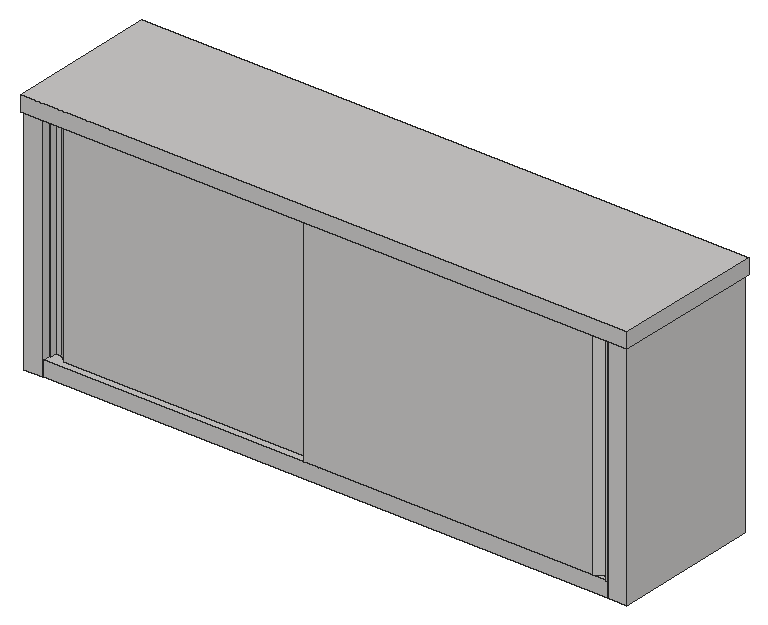
Revit family "QF_ELECTROLUXPROFESSIONAL_132833_PS1600LCN", category Attrezzature speciali, Revit 2020
Family settings
  Quota connettore circolare = Usa diametro
  Tipo di parte = Normale
  Basato su piano di lavoro = No
  Sempre verticale = Sì
  Taglio con vuoti quando caricato = No
  Condiviso = No
  Punto di calcolo locali = No
Parameters (values of type "Standard")
  Weight = 31.00 kg
  Watts = 0 W
  Volts = 0 V
  URL Manufacturer = "https://www.electroluxprofessional.com/"
  URL = "https://www.electroluxprofessional.com/"
  Steam Supply Size = 0 mm
  Steam Supply Minimum Pressure = 0.0 Pa
  Steam Supply Maximum Pressure = 0.0 Pa
  Steam Consumption per Hour = 0
  Refrigeration Suction Line Size = 0.0 mm
  Refrigeration Liquid Line Size = 0.0 mm
  Refrigerant Compressor Remote = yes
  Prospetto di default = 0.0 mm
  Produttore = "Electrolux Professional"
  Phase = 0
  Modello = "PS1600LCN"
  Length Actual = 1600.0 mm  # constant formula
  Item Number = "132833"
  Hot Water Size = 0 mm
  Height Actual = 650.0 mm  # constant formula
  HP = "0 HP"
  Gas Size = 0 mm
  Gas KW = 0
  Gas Input Pressure = 0 W
  Direct Waste Size = 0 mm
  Descrizione = "WALL CUPBOARD W/2 SLIDING DOORS 1600 MM"
  Depth Actual = 400.0 mm  # constant formula
  Cycle = 0 Hz
  Condensate Return Size = 0 mm
  Compressed Air Volume = 0.0 L/s
  Compressed Air Size = 0 mm
  Compressed Air Pressure = 0.0 Pa
  Cold Water Size = 0 mm
  Accessory = yes
Reference planes
  plane 1 "Center (Front/Back)": y = 0
  plane 2: z = 0
  plane 3 "Center (Left/Right)": x = -300
  plane 4 "LEFT": x = -1100
  plane 5 "RIGHT": x = 500
  plane 6 "BACK": y = 200
  plane 7 "FRONT": y = -200
  plane 8 "Base": z = 2160
  plane 9 "TOP": z = 2200
  plane 10 "BodyLeft": x = -1094.5
  plane 11 "BodyFront": y = -194.5
  plane 12 "BodyRight": x = 494.5
  plane 13 "BodyBack": y = 194.5
  plane 14 "FEET": z = 1550
  plane 15: x = -244.5
  plane 16: x = -355.5
Forms (mm)
  Extrusion 1, solid, material "QF_Finishes_Stainless Steel"
    sketch origin (-300, 0, 0) x (0, 1, 0) y (0, 0, 1)
      loop
        line (-200, 2160) -> (200, 2160) -> (200, 2200) -> (-200, 2200) -> (-200, 2160)
    from 800 to -800
  Extrusion 2, solid, material "QF_Finishes_Stainless Steel"
    sketch origin (0, 0, 1550) x (-1, 0, 0) y (0, -1, 0)
      loop
        line (1094.5, -194.5) -> (1094.5, 194.5) -> (1044.5, 194.5) -> (1044.5, -194.5) -> (1094.5, -194.5)
      loop
        line (-444.5, -194.5) -> (-444.5, 194.5) -> (-494.5, 194.5) -> (-494.5, -194.5) -> (-444.5, -194.5)
    from 0 to 610
  Extrusion 3, solid, material "QF_Finishes_Stainless Steel"
    sketch origin (0, 0, 1550) x (-1, 0, 0) y (0, -1, 0)
      loop
        line (1043.585, -194.5) -> (1043.585, 194.5) -> (-444.5, 194.5) -> (-444.5, -194.5) -> (1043.585, -194.5)
    from 0 to 40
  Extrusion 4, solid, material "QF_Finishes_Stainless Steel"
    sketch origin (0, 0, 1550) x (-1, 0, 0) y (0, -1, 0)
      loop
        line (1043.585, -194.5) -> (1043.585, -144.5) -> (-444.5, -144.5) -> (-444.5, -194.5) -> (1043.585, -194.5)
    from 40 to 610
  Extrusion 5, solid, material "QF_Finishes_Stainless Steel"
    sketch origin (0, 0, 1550) x (-1, 0, 0) y (0, -1, 0)
      loop
        line (-444.5, 194.5) -> (-444.5, 174.5) -> (355.5, 174.5) -> (355.5, 194.5) -> (-404.5, 194.5) -> (-424.5, 179.5) -> (-439.5, 179.5) -> (-439.5, 194.5) -> (-444.5, 194.5)
    from 40 to 610
  Extrusion 6, solid, material "QF_Finishes_Stainless Steel"
    sketch origin (0, 20, 1550) x (1, 0, 0) y (0, 1, 0)
      loop
        line (-1044.5, -194.5) -> (-1039.5, -194.5) -> (-1039.5, -179.5) -> (-1024.5, -179.5) -> (-1004.5, -194.5) -> (-244.5, -194.5) -> (-244.5, -174.5) -> (-1044.5, -174.5) -> (-1044.5, -194.5)
    from 40 to 610
Lines and regions (mm)
  symbolic lines
    curve 1: line (500, 200, 2200) -> (-1100, 200, 2200)
    curve 2: line (-1100, 200, 2200) -> (-1100, -200, 2200)
    curve 3: line (-1100, -200, 2200) -> (500, -200, 2200)
    curve 4: line (500, -200, 2200) -> (500, 200, 2200)
    curve 5: line (-1100, -200, 1550) -> (500, 200, 1550)
  symbolic lines, style "SpecialityEquipmentHiddenLines"
    curve 6: line (-1094.5, 194.5, 1550) -> (494.5, 194.5, 1550)
    curve 7: line (-1094.5, -194.5, 1550) -> (-1094.5, 194.5, 1550)
    curve 8: line (494.5, -194.5, 1550) -> (-1094.5, -194.5, 1550)
    curve 9: line (494.5, 194.5, 1550) -> (494.5, -194.5, 1550)
    curve 10: line (-1044.5, -154.5, 1550) -> (-244.5, -154.5, 1550)
    curve 11: line (-1044.5, -174.5, 1550) -> (-1044.5, -154.5, 1550)
    curve 12: line (444.5, -174.5, 1550) -> (-1044.5, -174.5, 1550)
    curve 13: line (-244.5, -154.5, 1550) -> (-244.5, -174.5, 1550)
    curve 14: line (-355.5, -174.5, 1550) -> (-355.5, -194.5, 1550)
    curve 15: line (444.5, -174.5, 1550) -> (444.5, -194.5, 1550)
Dimensions and locks
  plane 4 "LEFT" to plane 5 "RIGHT" = 1600.0 mm
  equal spacing: plane 4 "LEFT", plane 3 "Center (Left/Right)", plane 5 "RIGHT"
  locked: plane 8 "Base" to level at 2160
  locked: plane 9 "TOP" to level at 2200
  plane 6 "BACK" to plane 7 "FRONT" = 400.0 mm
  equal spacing: plane 6 "BACK", plane 1 "Center (Front/Back)", plane 7 "FRONT"
  locked: plane 4 "LEFT" to plane 10 "BodyLeft" at 5.5
  locked: plane 12 "BodyRight" to plane 5 "RIGHT" at 5.5
  locked: plane 11 "BodyFront" to plane 7 "FRONT" at 5.5
  locked: plane 6 "BACK" to plane 13 "BodyBack" at 5.5
  locked: plane 10 "BodyLeft" to Extrusion 2 sketch curve at 50
  locked: Extrusion 2 sketch curve to Extrusion 2 sketch curve at 50
  Extrusion 3 to Extrusion 4 sketch curve = 50.0 mm
  Extrusion 2 to plane 15 = 800.0 mm
  plane 16 to Extrusion 2 = 800.0 mm
  plane 9 "TOP" to plane 14 "FEET" = 650.0 mm
  locked: plane 8 "Base" to Extrusion 3 at 570
  aligned and locked: level to plane 2
  aligned and locked: Extrusion 1 to plane 4 "LEFT"
  aligned and locked: plane 5 "RIGHT" to Extrusion 1
  aligned and locked: curve 2 to plane 4 "LEFT"
  aligned and locked: plane 13 "BodyBack" to Extrusion 2 sketch curve
  aligned and locked: Extrusion 2 sketch curve to plane 11 "BodyFront"
  aligned and locked: Extrusion 2 sketch curve to plane 10 "BodyLeft"
  aligned and locked: plane 12 "BodyRight" to Extrusion 2 sketch curve
  aligned and locked: Extrusion 2 sketch curve to plane 13 "BodyBack"
  aligned and locked: plane 11 "BodyFront" to Extrusion 2 sketch curve
  aligned and locked: Extrusion 3 sketch curve to plane 13 "BodyBack"
  aligned and locked: plane 11 "BodyFront" to Extrusion 3 sketch curve
  aligned and locked: plane 8 "Base" to Extrusion 2
  aligned and locked: Extrusion 4 sketch curve to Extrusion 3
  aligned and locked: plane 8 "Base" to Extrusion 5
  aligned and locked: Extrusion 5 to Extrusion 3
  aligned and locked: Extrusion 6 sketch curve to plane 15
  aligned and locked: Extrusion 5 sketch curve to plane 16
  aligned and locked: Extrusion 1 to plane 8 "Base"
  aligned and locked: plane 9 "TOP" to Extrusion 1
  aligned and locked: curve 6 to plane 13 "BodyBack"
  aligned and locked: plane 11 "BodyFront" to curve 8
  aligned and locked: plane 12 "BodyRight" to curve 9
  aligned and locked: plane 10 "BodyLeft" to curve 7
Automatic sketch dimensions
  curve 3 to plane 7 "FRONT" = 0.0 mm
  curve 4 to plane 6 "BACK" = 0.0 mm
  Extrusion 1 sketch curve to plane 7 "FRONT" = 0.0 mm
  plane 9 "TOP" to Extrusion 1 sketch curve = 0.0 mm
  Extrusion 1 sketch curve to plane 6 "BACK" = 0.0 mm
  Extrusion 1 sketch curve to plane 8 "Base" = 0.0 mm
  Extrusion 5 sketch curve to plane 11 "BodyFront" = 0.0 mm  (x2)
  Extrusion 5 sketch curve to Extrusion 5 sketch curve = 5.0 mm
  Extrusion 5 sketch curve to Extrusion 5 sketch curve = 15.0 mm
  Extrusion 5 sketch curve to Extrusion 5 sketch curve = 20.0 mm
  plane 11 "BodyFront" to Extrusion 5 sketch curve = 15.0 mm
  plane 11 "BodyFront" to Extrusion 5 sketch curve = 20.0 mm
  Extrusion 6 sketch curve to plane 11 "BodyFront" = 20.0 mm  (x2)
  Extrusion 6 sketch curve to Extrusion 6 sketch curve = 5.0 mm
  Extrusion 6 sketch curve to Extrusion 6 sketch curve = 15.0 mm
  Extrusion 6 sketch curve to Extrusion 6 sketch curve = 20.0 mm  (x2)
  Extrusion 6 sketch curve to plane 11 "BodyFront" = 35.0 mm
  plane 10 "BodyLeft" to Extrusion 3 sketch curve = 50.915 mm
  plane 10 "BodyLeft" to Extrusion 4 sketch curve = 50.915 mm
  Extrusion 6 sketch curve to plane 10 "BodyLeft" = 90.0 mm
  plane 12 "BodyRight" to Extrusion 3 sketch curve = 50.0 mm
  plane 12 "BodyRight" to Extrusion 4 sketch curve = 50.0 mm
  plane 12 "BodyRight" to Extrusion 5 sketch curve = 90.0 mm
  curve 4 to plane 5 "RIGHT" = 0.0 mm
  curve 5 to plane 5 "RIGHT" = 0.0 mm
  curve 13 to plane 15 = 0.0 mm
  curve 14 to plane 16 = 0.0 mm
  curve 5 to plane 4 "LEFT" = 0.0 mm
  curve 5 to plane 6 "BACK" = 0.0 mm
  curve 5 to plane 7 "FRONT" = 0.0 mm
  plane 10 "BodyLeft" to curve 11 = 50.0 mm
  plane 11 "BodyFront" to curve 13 = 40.0 mm
  plane 11 "BodyFront" to curve 12 = 20.0 mm
  plane 12 "BodyRight" to curve 15 = 50.0 mm
